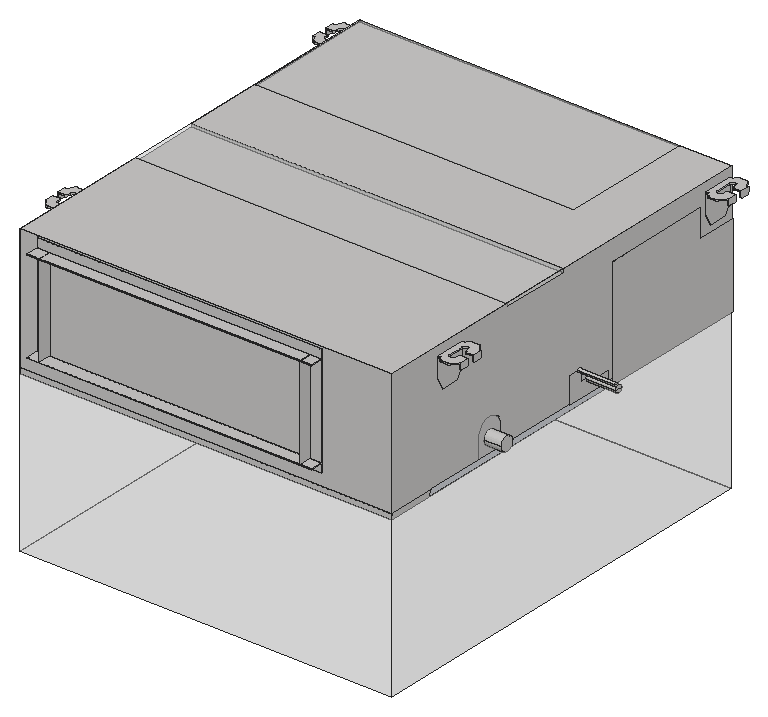
Revit family "outputfile", category 機械設備, Revit 2024
Family settings
  丸型コネクタ寸法 = 半径を使用
  パーツ タイプ = 標準
  OmniClass 番号 = 23.75.10.24.21.27.27
  OmniClass タイトル = Split System Air Conditioning Units
  作業面ベース = いいえ
  常に垂直 = はい
  ロード時にボイドで切り取り = いいえ
  注釈の向きを維持 = いいえ
  共有 = いいえ
  部屋計算ポイント = はい
Parameters (values of type "FXDBQ40AVM")
  Description = ""
  書き出し IFC クラス(タイプ) = "IfcUnitaryEquipmentType"
  定義済み IFC タイプ(タイプ) = "AIRCONDITIONINGUNIT"
  Cost = 0
  Type Comments = ""
  Keynote = ""
  Type Image = (empty or 0)
  Assembly Code = ""
  lh_liquidpipe = [h***] + 60.0 mm  # 60.0 mm
  lh_RA [instance] = if(Rear Connection_Return Air, 125.25 mm + [h***], 245.0 mm + [h***])  # 125.25 mm
  ld_RA_length [instance] = if(Rear Connection_Return Air, 245.0 mm, 126.0 mm)  # 245.0 mm
  l_liquidpipe_length [instance] = 421.0 mm
  l_gaspipe_length [instance] = 408.0 mm
  l_drainpipe_length [instance] = 383.0 mm
  angle_vertica [instance] = 90.00°
  angle horizontal [instance] = if(Right Connection_refrigerant, 180.00°, 0.00°)  # 180.00°
  URL = ""
  Right Connection_refrigerant [instance] = yes
  製造元 = "Daikin"
  モデル = "FXDBQ40AVM"
  w_pipe = 33.0 mm
  r_Liquid Pipe Size = Liquid Pipe Size / 2  # 3.2 mm
  r_Gas Pipe Size = Gas Pipe Size / 2  # 6.35 mm
  r_Drain Pipe Size = Drain Pipe Size / 2  # 12.5 mm
  lw_powersupply = 304.0 mm
  lw_ductflange2 = 602.0 mm
  lw_Width = 535.0 mm
  lh_suctionflange [instance] = 125.25 mm
  ld_suctionflange [instance] = if(Rear Connection_Return Air, 190.0 mm, 100.0 mm)  # 190.0 mm
  ld_powersupply = 60.0 mm
  angle_vertical_RA [instance] = if(Rear Connection_Return Air, 90.00°, 0.00°)  # 90.00°
  angle horizontal_RA [instance] = if(Rear Connection_Return Air, 180.00°, 270.00°)  # 180.00°
  Voltage_comment_60Hz = "220-230"
  Voltage_comment_50Hz = "220-240"
  Voltage_60Hz = 220 V
  Voltage_50Hz = 230 V
  Supply Air Direction [instance] = yes
  Sound Power Level_H speed (dB) = 0
  Rear Connection_Return Air [instance] = not(Bottom Connection_Return Air)  # yes
  RA_length [instance] = 245.0 mm  # constant formula
  Phase_60Hz = 1
  Phase_50Hz = 1
  Minimum External Static Pressure = 15.00 Pa
  Minimum Circuit Amps_60Hz = 1.0 A
  Minimum Circuit Amps_50Hz = 1.0 A
  Maximum Fuse Amps_60Hz = 16.0 A
  Maximum Fuse Amps_50Hz = 16.0 A
  Maximum External Static Pressure = 50.00 Pa
  Material_Casing = DAIKIN_GalvanizedSteel_Casing_indoorunit
  lw_liquidpipe = 71.0 mm  # constant formula
  lw_gaspipe = 58.0 mm  # constant formula
  lw_mountinghole_pitch = 738.0 mm
  lw_mountinghole = 20.0 mm  # constant formula
  lw_drainpipe = 33.0 mm  # constant formula
  lh_powersupply = 10.0 mm
  lh_gaspipe = [h***] + 38.0 mm  # 38.0 mm
  lh_mountinghole = Height - 15.0 mm + [h***]  # 230.0 mm
  lh_drainpipe = 150.0 mm
  lh_antena = 16.0 mm  # constant formula
  ld_liquidpipe = 193.0 mm  # constant formula
  ld_gaspipe = 130.0 mm  # constant formula
  ld_mountinghole_pitch = 630.0 mm  # constant formula
  ld_drainpipe = 280.0 mm
  ld_controlbox = 626.0 mm  # constant formula
  h*** = 0.0 mm  # constant formula
  d_dischargeflange = 25.0 mm  # constant formula
  Width = 700.0 mm
  Version = "ver.1.0"
  Unit Type = "3D Airflow Duct with Sensing Type"
  Unit Mass Weight = 26.00 kg
  Unit Designation [instance] = ""
  Uniclass2015Version = "Products v1.30"
  Uniclass2015Title = "Variable refrigerant flow units"
  Uniclass2015Code = "Pr_70_65_03_94"
  Total Heating Capacity [instance] = 0.000 kW
  Total Cooling Capacity [instance] = 0.000 kW
  Sound Pressure Level_M speed (dBA) = 0
  Sound Pressure Level_L speed (dBA) = 27
  Sound Pressure Level_H speed (dBA) = 35
  Series = "VRV Fan Coil Unit"
  Sensible Cooling Capacity [instance] = 0.000 kW
  SA Duct Size Width = 490.0 mm
  SA Duct Size Height = 174.0 mm
  Refrigerant Type = "R410A"
  RA Duct Size Width = 562.0 mm
  RA Duct Size Height [instance] = if(Rear Connection_Return Air, 202.6 mm, 204.0 mm)  # 202.6 mm
  Power Input (Heating) = 0.062 kW
  Power Input (Cooling) = 0.062 kW
  Option Accessory 3 [instance] = ""
  Option Accessory 2 [instance] = ""
  Option Accessory 1 [instance] = ""
  Nominal Heating Capacity = 5.000 kW
  Nominal Cooling Capacity = 4.500 kW
  Minimum Airflow = 510.00 m³/h
  Median Airflow = 630.00 m³/h
  Maximum Airflow = 798.00 m³/h
  Load Classification = HVAC
  Liquid Pipe Size = 6.4 mm
  Link_Nested Family [instance] = ""
  Left Connection_refrigerant [instance] = no
  IfcVersion = "0"
  IfcExportType = "AIRCONDITIONINGUNIT"
  IfcExportAs = "IfcUnitaryEquipmentType"
  Height = 245.0 mm
  Heating Entering Wet Bulb Temperature [instance] = 0.00 °C
  Heating Entering Dry Bulb Temperature [instance] = 0.00 °C
  Heating Ambient Wet Bulb Temperature [instance] = 0.00 °C
  Heating Ambient Dry Bulb Temperature [instance] = 0.00 °C
  Heat Exchanger Type = "Cross Fin Coil"
  Gas Pipe Size = 12.7 mm
  Frequency_60Hz = 60 Hz
  Frequency_50Hz = 50 Hz
  Fan Type = "Sirocco Fan"
  Fan Drive = "Direct Drive"
  FCU Tag No. [instance] = ""
  Drain Pipe Size = 25.0 mm
  Design Supply Airflow [instance] = 0.00 m³/h
  Design Return Airflow [instance] = 0.00 m³/h
  Design External Static Pressure [instance] = 0.00 Pa
  Depth = 800.0 mm
  既定の高さ = 0.0 mm
  Cooling Entering Wet Bulb Temperature [instance] = 0.00 °C
  Cooling Entering Dry Bulb Temperature [instance] = 0.00 °C
  Cooling Ambient Wet Bulb Temperature [instance] = 0.00 °C
  Cooling Ambient Dry Bulb Temperature [instance] = 0.00 °C
  Clearance visibility [instance] = yes
  Clearance Top = 0.0 mm
  Clearance Right = 0.0 mm
  Clearance Rear = 0.0 mm
  Clearance Left = 0.0 mm
  Clearance Front = 0.0 mm
  Clearance Bottom = 300.0 mm
  Bottom Connection_Return Air [instance] = no
Reference planes
  plane 1 "Center (Front/Back)": y = 0
  plane 2: z = 0
  plane 3 "Center (Left/Right)": x = 0
  plane 4 "Back": y = 400
  plane 5 "Front": y = -400
  plane 6 "Left": x = -350
  plane 7 "Right": x = 350
  plane 8 "Top": z = 0
  plane 9 "Bottom": z = -245
  plane 10: x = 330
  plane 11: x = -330
  plane 12: z = -235
  plane 13: z = -6
  plane 14: z = -67
  plane 15: z = -185
  plane 16: z = -207
  plane 17: x = -304
  plane 18: x = 304
  plane 19: x = -369
  plane 20: x = 369
  plane 21: x = -389
  plane 22: x = 390
  plane 23: x = 421
  plane 24: x = 408
  plane 25: x = 383
  plane 26: z = -15
  plane 27: z = -95
  plane 28 "Clearance Left": x = -350
  plane 29 "Clearance Right": x = 350
  plane 30 "Clearance Rear": y = 400
  plane 31 "Clearance Front": y = -400
  plane 32 "Clearance Top": z = 0
  plane 33 "Clearance Bottom": z = -545
  plane 34: z = -21
  plane 35: z = -206
  plane 36: z = -141.5
  plane 37: x = -40
  plane 38: y = 61
  plane 39: y = 39
  plane 40: y = -30
  plane 41: y = -171
  plane 42: z = -97.5
  plane 43: y = -400
  plane 44: x = -349
  plane 45: z = -145
  plane 46: z = -355
  plane 47: y = 210
  plane 48: z = 331
  plane 49: z = -244
  plane 50: y = 210
  plane 51: z = -146
  plane 52: x = 383
  plane 53: x = 345
  plane 54: x = 355
  plane 55: x = 351
  plane 56: x = 251
  plane 57: x = 349.004
  plane 58: x = -349
  plane 59: x = 304
  plane 60: z = -108
  plane 61: z = -234
  plane 62: x = -317
  plane 63: z = -3
  plane 64: x = -49.5
  plane 65: z = -1
  plane 66: y = 155
  plane 67: x = -50
  plane 68: y = -266
  plane 69: y = 364
  plane 70: z = -15
  plane 71: z = -185
  plane 72: z = -207
  plane 73: x = -383
  plane 74: x = -351
  plane 75: x = -421
  plane 76: x = -408
  plane 77: y = 280.25
  plane 78: z = 125.25
  plane 79: y = 117.5
  plane 80: z = -36.4
  plane 81: y = 399
Forms (mm)
  Extrusion 1, solid
    sketch origin (0, 0, 0) x (1, 0, 0) y (0, 0, 1)
      loop
        line (-350, -235) -> (-350, -245) -> (350, -245) -> (350, -235) -> (-350, -235)
    from -116.5 to 310
  Extrusion 2, solid, material "DAIKIN_GalvanizedSteel_Casing_indoorunit" <- "Material_Casing"
    sketch origin (0, 0, 0) x (1, 0, 0) y (0, 1, 0)
      loop
        line (-350, -400) -> (350, -400) -> (350, 400) -> (-350, 400) -> (-350, -400)
    from -245 to 0
  Extrusion 3, void
    sketch origin (0, 0, 1) x (1, 0, 0) y (0, 1, 0)
      loop
        line (-350, -128.821) -> (350, -128.821) -> (350, 4.179) -> (-350, 4.179) -> (-350, -128.821)
    from -1 to -7
  Revolve 4, solid, material "DAIKIN_GalvanizedSteel_Casing_indoorunit" <- "Material_Casing"
    sketch origin (0, 0, -207) x (0, -1, 0) y (1, 0, 0)
      loop
        line (-67.35, 351) -> (-61, 351) -> (-61, 408) -> (-67.35, 408) -> (-67.35, 351)
      axis (-61, 351) -> (-61, 408)
    angle from 0 to 360
  Revolve 5, solid, material "DAIKIN_GalvanizedSteel_Casing_indoorunit" <- "Material_Casing"
    sketch origin (0, 0, -185) x (0, -1, 0) y (1, 0, 0)
      loop
        line (-39, 351) -> (-39, 421) -> (-42.2, 421) -> (-42.2, 351) -> (-39, 351)
      axis (-39, 421) -> (-39, 351)
    angle from 0 to 360
  Extrusion 6, solid, material "DAIKIN_GalvanizedSteel_Casing_indoorunit" <- "Material_Casing"
    sketch origin (0, 0, 0) x (0, 1, 0) y (0, 0, 1)
      loop
        circle (-171, -206) r 13
    from 383 to 349.004
  Extrusion 7, solid, material "DAIKIN_GalvanizedSteel_Casing_indoorunit" <- "Material_Casing"
    sketch origin (0, 0, 0) x (1, 0, 0) y (0, 0, 1)
      loop
        line (-350, -235) -> (-350, -245) -> (350, -245) -> (350, -235) -> (-350, -235)
    from -116.5 to 400
  Extrusion 8, void
    sketch origin (0, 0, 0) x (1, 0, 0) y (0, 0, 1)
      loop
        line (251, 0) -> (-349, 0) -> (-349, -1) -> (251, -1) -> (251, 0)
    from -400 to -152.5
  Extrusion 9, solid, material "DAIKIN_GalvanizedSteel_Casing_indoorunit" <- "Material_Casing", visible <- "Rear Connection_Return Air"
    sketch origin (0, 0, 0) x (1, 0, 0) y (0, 1, 0)
      loop
        line (-349, 400) -> (-349, 152.5) -> (251, 152.5) -> (251, 400) -> (-349, 400)
    from -245 to -244
  Extrusion 10, solid, material "DAIKIN_GalvanizedSteel_Casing_indoorunit" <- "Material_Casing", visible <- "Bottom Connection_Return Air"
    sketch origin (0, 0, 0) x (1, 0, 0) y (0, 0, 1)
      loop
        line (251, -1) -> (-349, -1) -> (-349, -245) -> (251, -245) -> (251, -1)
    from -400 to -399
  Extrusion 11, void
    sketch origin (0, 0, 0) x (0, 1, 0) y (0, 0, 1)
      loop
        arc (-143.5, -198.721) -> (-171, -171.221) -> (-198.5, -198.721) r 27.5
        line (-198.5, -198.721) -> (-198.5, -235) -> (-143.5, -235) -> (-143.5, -198.721)
    from 349.004 to 350
  Extrusion 12, solid, material "DAIKIN_GalvanizedSteel_Casing_indoorunit" <- "Material_Casing"
    sketch origin (0, 0, 0) x (0, 1, 0) y (0, 0, 1)
      loop
        line (35.8, -185) -> (16.8, -185) -> (16.8, -235) -> (107.3, -235) -> (107.3, -217) -> (67.3, -217) -> (67.3, -207)
        arc (67.3, -207) -> (60.975, -213.325) -> (54.65, -207) r 6.325
        line (54.65, -207) -> (42.2, -207) -> (42.2, -185)
        arc (42.2, -185) -> (39, -188.2) -> (35.8, -185) r 3.2
    from 350 to 351
  Extrusion 13, void
    sketch origin (0, 0, 0) x (0, 1, 0) y (0, 0, -1)
      loop
        line (-143.5, 198.721) -> (-143.5, 235) -> (-198.5, 235) -> (-198.5, 198.721)
        arc (-198.5, 198.721) -> (-171, 171.221) -> (-143.5, 198.721) r 27.5
    from 349 to 350
  Extrusion 14, solid, material "DAIKIN_GalvanizedSteel_Casing_indoorunit" <- "Material_Casing"
    sketch origin (0, 0, 0) x (0, 1, 0) y (0, 0, -1)
      loop
        circle (-171, 206) r 13
    from 383 to 349
  Extrusion 15, solid, material "DAIKIN_GalvanizedSteel_Casing_indoorunit" <- "Material_Casing"
    sketch origin (0, 0, 0) x (0, 1, 0) y (0, 0, -1)
      loop
        arc (35.8, 185) -> (39, 188.2) -> (42.2, 185) r 3.2
        line (42.2, 185) -> (42.2, 207) -> (54.65, 207)
        arc (54.65, 207) -> (60.975, 213.325) -> (67.3, 207) r 6.325
        line (67.3, 207) -> (67.3, 217) -> (107.3, 217) -> (107.3, 235) -> (16.8, 235) -> (16.8, 185) -> (35.8, 185)
    from 350 to 351
  Revolve 16, solid, material "DAIKIN_GalvanizedSteel_Casing_indoorunit" <- "Material_Casing"
    sketch origin (0, 0, -185) x (0, -1, 0) y (1, 0, 0)
      loop
        line (-39, -351) -> (-42.2, -351) -> (-42.2, -421) -> (-39, -421) -> (-39, -351)
      axis (-39, -421) -> (-39, -351)
    angle from 0 to 360
  Revolve 17, solid, material "DAIKIN_GalvanizedSteel_Casing_indoorunit" <- "Material_Casing"
    sketch origin (0, 0, -207) x (0, -1, 0) y (1, 0, 0)
      loop
        line (-67.35, -351) -> (-67.35, -408) -> (-61, -408) -> (-61, -351) -> (-67.35, -351)
      axis (-61, -351) -> (-61, -408)
    angle from 0 to 360
  Extrusion 18, solid, material "DAIKIN_GalvanizedSteel_Casing_indoorunit" <- "Material_Casing"
    sketch origin (0, 0, 0) x (0, 1, 0) y (0, 0, 1)
      loop
        line (117.5, -36.4) -> (117.5, -245) -> (400, -245) -> (400, -88) -> (322.4, -88) -> (322.4, -36.4) -> (117.5, -36.4)
    from 351 to 350
Cuts and joins
  Extrusion 3, Extrusion 8, Extrusion 11, Extrusion 13 cuts Extrusion 2
  Extrusion 8, Extrusion 11, Extrusion 13 cuts Extrusion 7
Dimensions and locks
  "lh_powersupply": plane 12 to plane 9 "Bottom"
  locked: plane 8 "Top" to plane 13 at 6
  "Height": plane 8 "Top" to plane 9 "Bottom"
  equal spacing: plane 17, plane 3 "Center (Left/Right)", plane 18, locked at 304 each
  locked: plane 17 to plane 18 at 608
  equal spacing: plane 19, plane 3 "Center (Left/Right)", plane 20
  "lw_mountinghole_pitch": plane 19 to plane 20
  locked: plane 14 to plane 9 "Bottom" at 178
  "lw_mountinghole": plane 21 to plane 19
  locked: plane 15 to plane 9 "Bottom" at 60
  "lh_gaspipe": plane 16 to plane 9 "Bottom"
  "lh_mountinghole": plane 26 to plane 9 "Bottom"
  equal spacing: plane 6 "Left", plane 3 "Center (Left/Right)", plane 7 "Right"
  "Width": plane 6 "Left" to plane 7 "Right"
  "lh_drainpipe": plane 27 to plane 9 "Bottom"
  "Clearance Right": plane 7 "Right" to plane 29 "Clearance Right"
  "Clearance Left": plane 28 "Clearance Left" to plane 6 "Left"
  "lw_gaspipe": plane 7 "Right" to plane 24
  "lw_liquidpipe": plane 7 "Right" to plane 23
  "lw_drainpipe": plane 7 "Right" to plane 25
  "Clearance Rear": plane 30 "Clearance Rear" to plane 4 "Back"
  "Clearance Front": plane 5 "Front" to plane 31 "Clearance Front"
  "Clearance Top": plane 32 "Clearance Top" to plane 8 "Top"
  "Clearance Bottom": plane 9 "Bottom" to plane 33 "Clearance Bottom"
  locked: plane 8 "Top" to plane 34 at 21
  locked: plane 8 "Top" to plane 35 at 206
  locked: plane 36 to plane 9 "Bottom" at 103.5
  locked: plane 34 to plane 42 at 76.5
  locked: plane 44 to plane 6 "Left" at 1
  locked: plane 12 to plane 45 at 90
  locked: plane 46 to plane 33 "Clearance Bottom" at 190
  plane 48 to plane 26 = 346.0 mm
  locked: plane 49 to plane 9 "Bottom" at 1
  "ld_suctionflange": plane 4 "Back" to plane 50
  locked: plane 51 to plane 9 "Bottom" at 99
  locked: plane 7 "Right" to plane 52 at 33
  locked: plane 53 to plane 7 "Right" at 5
  locked: plane 7 "Right" to plane 54 at 5
  locked: plane 7 "Right" to plane 55 at 1
  plane 7 "Right" to plane 56 = 99.0 mm
  locked: plane 7 "Right" to plane 57 at 0.996
  locked: plane 58 to plane 6 "Left" at 1
  "lw_powersupply": plane 3 "Center (Left/Right)" to plane 59
  locked: plane 61 to plane 9 "Bottom" at 11
  locked: plane 6 "Left" to plane 62 at 33
  locked: plane 8 "Top" to plane 63 at 3
  locked: plane 8 "Top" to plane 65 at 1
  plane 66 to plane 4 "Back" = 245.0 mm
  "ld_mountinghole_pitch": plane 69 to plane 68
  locked: plane 8 "Top" to plane 70 at 15
  "Depth": plane 4 "Back" to plane 43
  equal spacing: plane 4 "Back", plane 1 "Center (Front/Back)", plane 43, locked at 400 each
  locked: plane 31 "Clearance Front" to plane 41 at 229
  locked: plane 31 "Clearance Front" to plane 39 at 439
  locked: plane 39 to plane 38 at 22
  locked: plane 8 "Top" to plane 71 at 185
  locked: plane 71 to plane 72 at 22
  locked: plane 60 to plane 9 "Bottom" at 137
  plane 72 to plane 9 "Bottom" = 38.0 mm
  locked: plane 73 to plane 6 "Left" at 33
  locked: plane 74 to plane 6 "Left" at 1
  locked: plane 75 to plane 6 "Left" at 71
  locked: plane 76 to plane 6 "Left" at 58
  "r_Liquid Pipe Size": Revolve 5 sketch curve to Revolve 5 sketch curve
  "r_Gas Pipe Size": Revolve 4 sketch curve to Revolve 4 sketch curve
  "lh_suctionflange": plane 78 to level
  "r_Liquid Pipe Size": Revolve 16 sketch curve to Revolve 16 sketch curve
  "r_Gas Pipe Size": Revolve 17 sketch curve to Revolve 17 sketch curve
  locked: plane 68 to plane 43 at 134
  "ld_RA_length": plane 30 "Clearance Rear" to plane 66
  locked: plane 30 "Clearance Rear" to Extrusion 9 sketch curve at 247.5
  locked: plane 79 to plane 30 "Clearance Rear" at 282.5
  locked: plane 80 to plane 9 "Bottom" at 208.6
  locked: Extrusion 18 sketch curve to Extrusion 18 sketch curve at 51.6
  locked: Extrusion 18 sketch curve to nested 8 at 77.6
  locked: plane 4 "Back" to plane 81 at 1
  aligned and locked: level to plane 2
  aligned and locked: Extrusion 2 to plane 9 "Bottom"
  aligned and locked: plane 8 "Top" to Extrusion 2
  aligned and locked: Revolve 4 sketch curve to Revolve 4 sketch curve
  aligned and locked: plane 20 to nested 2
  aligned and locked: plane 19 to nested 3
  aligned and locked: plane 19 to nested 4
  aligned and locked: nested 7 to plane 12
  aligned and locked: Extrusion 7 to plane 9 "Bottom"
  aligned and locked: Extrusion 6 sketch curve to plane 41
  aligned and locked: plane 4 "Back" to Extrusion 8
  aligned and locked: plane 8 "Top" to Extrusion 3
  aligned and locked: plane 9 "Bottom" to Extrusion 9  (x2)
  aligned and locked: Extrusion 9 to plane 49
  aligned and locked: Extrusion 8 to level
  aligned and locked: plane 30 "Clearance Rear" to nested 8
  aligned and locked: plane 29 "Clearance Right" to nested 8
  aligned and locked: plane 28 "Clearance Left" to nested 8
  aligned and locked: nested 8 to plane 32 "Clearance Top"
  aligned and locked: nested 8 to plane 33 "Clearance Bottom"
  aligned and locked: Extrusion 3 to plane 13
  aligned and locked: plane 7 "Right" to cut or joined group of Extrusion 2, Extrusion 3, Extrusion 8, Extrusion 11, Extrusion 13  (x2)
  aligned and locked: plane 52 to Extrusion 6
  aligned and locked: plane 56 to Extrusion 8 sketch curve
  aligned and locked: Extrusion 9 to plane 56
  aligned and locked: cut or joined group of Extrusion 2, Extrusion 3, Extrusion 8, Extrusion 11, Extrusion 13 to plane 43
  aligned and locked: nested 7 to plane 59
  aligned and locked: nested 6 to plane 1 "Center (Front/Back)"
  aligned and locked: plane 3 "Center (Left/Right)" to nested 6
  aligned and locked: plane 60 to nested 5  (x2)
  aligned and locked: nested 10 to plane 62
  aligned and locked: nested 10 to plane 63
  aligned and locked: plane 64 to nested 5
  aligned and locked: nested 11 to plane 58
  aligned and locked: plane 4 "Back" to nested 11
  aligned and locked: plane 65 to nested 11
  aligned and locked: plane 4 "Back" to Extrusion 10
  aligned and locked: plane 65 to Extrusion 10
  aligned and locked: Extrusion 10 to plane 9 "Bottom"
  aligned and locked: Extrusion 10 to plane 56
  aligned and locked: plane 4 "Back" to nested 7
  aligned and locked: nested 13 to plane 68
  aligned and locked: plane 6 "Left" to nested 13
  aligned and locked: plane 68 to nested 12
  aligned and locked: nested 12 to plane 7 "Right"
  aligned and locked: nested 15 to plane 69
  aligned and locked: plane 6 "Left" to nested 15
  aligned and locked: plane 69 to nested 14
  aligned and locked: nested 14 to plane 7 "Right"
  aligned and locked: plane 70 to nested 13
  aligned and locked: plane 70 to nested 15
  aligned and locked: plane 20 to nested 1
  aligned and locked: nested 1 to plane 69
  aligned and locked: nested 4 to plane 69
  aligned and locked: nested 3 to plane 68
  aligned and locked: nested 2 to plane 68
  aligned and locked: cut or joined group of Extrusion 2, Extrusion 3, Extrusion 8, Extrusion 11, Extrusion 13 to plane 57
  aligned and locked: Extrusion 6 to plane 57
  aligned and locked: nested 5 to plane 64
  aligned and locked: nested 5 to plane 43
  aligned and locked: cut or joined group of Extrusion 7, Extrusion 8, Extrusion 11, Extrusion 13 to plane 43
  aligned and locked: plane 7 "Right" to Extrusion 12
  aligned and locked: plane 55 to Extrusion 12
  aligned and locked: plane 71 to Revolve 5
  aligned and locked: plane 72 to Revolve 4
  aligned and locked: plane 72 to Extrusion 12
  aligned and locked: Extrusion 12 to plane 12
  aligned and locked: plane 71 to Extrusion 12
  aligned and locked: cut or joined group of Extrusion 2, Extrusion 3, Extrusion 8, Extrusion 11, Extrusion 13 to plane 6 "Left"  (x2)
  aligned and locked: plane 58 to cut or joined group of Extrusion 2, Extrusion 3, Extrusion 8, Extrusion 11, Extrusion 13
  aligned and locked: plane 58 to Extrusion 14
  aligned and locked: Extrusion 14 to plane 73
  aligned and locked: plane 6 "Left" to Extrusion 15
  aligned and locked: Extrusion 15 to plane 74
  aligned and locked: Revolve 16 to plane 74
  aligned and locked: Revolve 16 to plane 75
  aligned and locked: Revolve 17 sketch curve to Revolve 17 sketch curve
  aligned and locked: Revolve 17 to plane 74
  aligned and locked: Revolve 17 to plane 76
  aligned and locked: nested 16 to plane 39
  aligned and locked: nested 17 to plane 38
  aligned and locked: nested 17 to plane 3 "Center (Left/Right)"
  aligned and locked: plane 71 to Revolve 16
  aligned and locked: plane 72 to Revolve 17
  aligned and locked: plane 43 to nested 10
  aligned and locked: nested 8 to plane 43
  aligned and locked: nested 18 to plane 41
  aligned and locked: plane 3 "Center (Left/Right)" to nested 18
  aligned and locked: plane 35 to nested 18
  aligned and locked: nested 9 to plane 67  (x2)
  aligned and locked: plane 70 to nested 12
  aligned and locked: plane 70 to nested 14
  aligned and locked: nested 9 to plane 66
  aligned and locked: plane 29 "Clearance Right" to Extrusion 18
  aligned and locked: plane 55 to Extrusion 18
  aligned and locked: plane 80 to Extrusion 18
  aligned and locked: plane 79 to Extrusion 18
  aligned and locked: nested 19 to plane 9 "Bottom"
  aligned and locked: nested 19 to plane 56
  aligned and locked: nested 19 to plane 81
  aligned and locked: level to plane 8 "Top"
Automatic sketch dimensions
  Extrusion 1 sketch curve to plane 6 "Left" = 0.0 mm
  Extrusion 1 sketch curve to plane 7 "Right" = 0.0 mm
  Extrusion 1 sketch curve to plane 9 "Bottom" = 0.0 mm
  Extrusion 1 sketch curve to plane 12 = 0.0 mm
  Extrusion 2 sketch curve to plane 4 "Back" = 0.0 mm
  Extrusion 2 sketch curve to plane 6 "Left" = 0.0 mm
  Extrusion 2 sketch curve to plane 7 "Right" = 0.0 mm
  Extrusion 2 sketch curve to plane 43 = 0.0 mm
  Extrusion 3 sketch curve to plane 6 "Left" = 0.0 mm
  Extrusion 3 sketch curve to plane 7 "Right" = 0.0 mm
  plane 41 to Extrusion 3 sketch curve = 42.179 mm
  Extrusion 3 sketch curve to plane 1 "Center (Front/Back)" = 4.179 mm
  Revolve 4 sketch curve to plane 24 = 0.0 mm
  Revolve 4 sketch curve to plane 38 = 0.0 mm
  Revolve 4 sketch curve to plane 55 = 0.0 mm
  plane 55 to Revolve 4 sketch curve = 1.003 mm
  plane 24 to Revolve 4 sketch curve = 1.003 mm
  Revolve 5 sketch curve to plane 39 = 0.0 mm  (x2)
  Revolve 5 sketch curve to plane 23 = 0.0 mm  (x2)
  Revolve 5 sketch curve to plane 55 = 0.0 mm  (x2)
  Extrusion 6 sketch curve to plane 35 = 0.0 mm
  Extrusion 7 sketch curve to plane 6 "Left" = 0.0 mm
  Extrusion 7 sketch curve to plane 7 "Right" = 0.0 mm
  Extrusion 7 sketch curve to plane 9 "Bottom" = 0.0 mm
  Extrusion 7 sketch curve to plane 12 = 0.0 mm
  Extrusion 9 sketch curve to plane 44 = 0.0 mm
  Extrusion 9 sketch curve to plane 4 "Back" = 0.0 mm
  Extrusion 9 sketch curve to plane 56 = 0.0 mm
  Extrusion 10 sketch curve to plane 44 = 0.0 mm
  Extrusion 10 sketch curve to plane 9 "Bottom" = 0.0 mm
  Extrusion 10 sketch curve to plane 56 = 0.0 mm
  Extrusion 10 sketch curve to plane 65 = 0.0 mm
  Extrusion 11 sketch curve to plane 12 = 0.0 mm
  Extrusion 11 sketch curve to plane 41 = 0.0 mm
  Extrusion 11 sketch curve to plane 41 = 27.5 mm
  plane 35 to Extrusion 11 sketch curve = 7.279 mm
  Extrusion 12 sketch curve to plane 15 = 0.0 mm
  Extrusion 12 sketch curve to plane 12 = 0.0 mm
  Extrusion 12 sketch curve to plane 39 = 0.0 mm
  Extrusion 12 sketch curve to plane 72 = 0.0 mm
  Extrusion 12 sketch curve to Extrusion 12 sketch curve = 3.2 mm
  Extrusion 12 sketch curve to plane 1 "Center (Front/Back)" = 16.8 mm
  Extrusion 12 sketch curve to plane 38 = 6.35 mm
  Extrusion 12 sketch curve to plane 38 = 0.025 mm
  Extrusion 12 sketch curve to Extrusion 12 sketch curve = 40.0 mm
  Extrusion 12 sketch curve to Extrusion 12 sketch curve = 10.0 mm
  Extrusion 13 sketch curve to plane 12 = 0.0 mm
  Extrusion 13 sketch curve to plane 41 = 0.0 mm
  Extrusion 13 sketch curve to plane 41 = 27.5 mm
  plane 35 to Extrusion 13 sketch curve = 7.279 mm
  Extrusion 14 sketch curve to plane 35 = 0.0 mm
  Extrusion 14 sketch curve to plane 41 = 0.0 mm
  Extrusion 15 sketch curve to plane 15 = 0.0 mm
  Extrusion 15 sketch curve to plane 12 = 0.0 mm
  Extrusion 15 sketch curve to plane 39 = 0.0 mm
  Extrusion 15 sketch curve to plane 72 = 0.0 mm
  Extrusion 15 sketch curve to Extrusion 15 sketch curve = 3.2 mm
  Extrusion 15 sketch curve to plane 1 "Center (Front/Back)" = 16.8 mm
  Extrusion 15 sketch curve to plane 38 = 6.35 mm
  Extrusion 15 sketch curve to plane 38 = 0.025 mm
  Extrusion 15 sketch curve to Extrusion 15 sketch curve = 40.0 mm
  Extrusion 15 sketch curve to Extrusion 15 sketch curve = 10.0 mm
  Revolve 16 sketch curve to plane 74 = 0.0 mm  (x2)
  Revolve 16 sketch curve to plane 75 = 0.0 mm  (x2)
  Revolve 16 sketch curve to plane 39 = 0.0 mm  (x2)
  Revolve 17 sketch curve to plane 74 = 0.0 mm
  Revolve 17 sketch curve to plane 38 = 0.0 mm
  plane 75 to Revolve 17 sketch curve = 13.0 mm
  Revolve 17 sketch curve to plane 74 = 1.003 mm
  Revolve 17 sketch curve to Revolve 17 sketch curve = 1.003 mm
  Extrusion 8 sketch curve to plane 44 = 0.0 mm
  Extrusion 8 sketch curve to level = 0.0 mm
  Extrusion 8 sketch curve to plane 65 = 0.0 mm
  Extrusion 18 sketch curve to plane 9 "Bottom" = 0.0 mm
  Extrusion 18 sketch curve to plane 79 = 0.0 mm
  Extrusion 18 sketch curve to plane 80 = 0.0 mm
  Extrusion 18 sketch curve to plane 4 "Back" = 0.0 mm
  radius of Extrusion 6 sketch curve = 13.0 mm
  radius of Extrusion 14 sketch curve = 13.0 mm
Nested families
  nested 1: "daikin_mountinghole" at (369, 364, -245), l_antenna <- "lh_antena", Link_Nested Family <- "Link_Nested Family", h_mountinghole <- "lh_mountinghole", type "daikin_mountinghole"
    with show yes, l_antenna 16.0 mm, h_mountinghole 230.0 mm, Link_Nested Family ""
  nested 2: "daikin_mountinghole" at (369, -266, -245), Link_Nested Family <- "Link_Nested Family", l_antenna <- "lh_antena", h_mountinghole <- "lh_mountinghole", type "daikin_mountinghole"
    with show yes, l_antenna 16.0 mm, h_mountinghole 230.0 mm, Link_Nested Family ""
  nested 3: "daikin_mountinghole" at (-369, -266, -245), l_antenna <- "lh_antena", Link_Nested Family <- "Link_Nested Family", h_mountinghole <- "lh_mountinghole", type "daikin_mountinghole"
    with show yes, l_antenna 16.0 mm, h_mountinghole 230.0 mm, Link_Nested Family ""
  nested 4: "daikin_mountinghole" at (-369, 364, -245), l_antenna <- "lh_antena", Link_Nested Family <- "Link_Nested Family", h_mountinghole <- "lh_mountinghole", type "daikin_mountinghole"
    with show yes, l_antenna 16.0 mm, h_mountinghole 230.0 mm, Link_Nested Family ""
  nested 5: "daikin_connector_rotate2" at (-49.5, -400, -108), length <- "d_dischargeflange", type "daikin_connector_rotate2"
    with radius 10.0 mm, length 25.0 mm, angle_vertical 90.00°, show_face no
  nested 6: "daikin_△_symbolicline" at (-75, -129.904, 245) x (-0.5, 0.866, 0) z (0, 0, 1), built-in parameter 1001364 <- "Height", visible <- "Supply Air Direction", type "daikin_△_symbolicline"
    with length 300.0 mm
  nested 7: "daikin_connector_rotate2" at (304, 340, -235) x (-1, 0, 0) z (0, 0, 1), built-in parameter 1001364 <- "lw_powersupply", length <- "ld_powersupply", type "daikin_connector_rotate2"
    with radius 10.0 mm, length 60.0 mm, angle_vertical 90.00°, show_face no
  nested 8: "daikin_clearancespace" at (0, 0, -272.381), visible <- "Clearance visibility", show <- "Clearance visibility", Link_Nested Family <- "Link_Nested Family", type "daikin_clearancespace"
    with width 700.0 mm, show yes, height 545.0 mm, depth 800.0 mm, Link_Nested Family ""
  nested 9: "daikin_connector_rotate3" at (-50, 155, -119.75), angle_vertical <- "angle_vertical_RA", angle_horizontal <- "angle horizontal_RA", length <- "RA_length", built-in parameter 1001364 <- "lh_RA", type "daikin_connector_rotate3"
    with show no, radius 10.0 mm, length 245.0 mm, angle_vertical 90.00°, angle_horizontal 180.00°
  nested 10: "daikin_ductflange_FXDBQ-AVM" at (-49.5, -86.5, -385.201), width <- "lw_Width", material <- "Material_Casing", type "daikin_ductflange_FXDBQ-AVM"
    with width 535.0 mm, material DAIKIN_GalvanizedSteel_Casing_indoorunit, height 176.0 mm, depth 25.0 mm
  nested 11: "daikin_ductflange_FXDBQ-AVM2" at (-49, 400, -119.75), material <- "Material_Casing", visible <- "Rear Connection_Return Air", width <- "lw_ductflange2", rear <- "Rear Connection_Return Air", bottom <- "Bottom Connection_Return Air", type "daikin_ductflange_FXDBQ-AVM2"
    with width 602.0 mm, rear yes, material DAIKIN_GalvanizedSteel_Casing_indoorunit, height 245.0 mm, depth 1.0 mm, bottom no, H2 18.5 mm, H1 202.5 mm
  nested 12: "daikin_hangerfixture_FXDBQ-AVM" at (350, -266, -15) x (0, 1, 0) z (0, 0, 1), type "daikin_hangerfixture_FXDBQ-AVM"
  nested 13: "daikin_hangerfixture_FXDBQ-AVM" at (-350, -266, -15) x (0, -1, 0) z (0, 0, 1), type "daikin_hangerfixture_FXDBQ-AVM"
  nested 14: "daikin_hangerfixture_FXDBQ-AVM" at (350, 364, -15) x (0, 1, 0) z (0, 0, 1), type "daikin_hangerfixture_FXDBQ-AVM"
  nested 15: "daikin_hangerfixture_FXDBQ-AVM" at (-350, 364, -15) x (0, -1, 0) z (0, 0, 1), type "daikin_hangerfixture_FXDBQ-AVM"
  nested 16: "daikin_connector_rotate3" at (0, 39, -185) x (0, -1, 0) z (0, 0, 1), radius <- "r_Liquid Pipe Size", angle_vertical <- "angle_vertica", length <- "l_liquidpipe_length", angle_horizontal <- "angle horizontal", type "daikin_connector_rotate3"
    with show no, radius 3.2 mm, length 421.0 mm, angle_vertical 90.00°, angle_horizontal 180.00°
  nested 17: "daikin_connector_rotate3" at (0, 61, -207) x (0, -1, 0) z (0, 0, 1), angle_vertical <- "angle_vertica", angle_horizontal <- "angle horizontal", length <- "l_gaspipe_length", radius <- "r_Gas Pipe Size", type "daikin_connector_rotate3"
    with show no, radius 6.35 mm, length 408.0 mm, angle_vertical 90.00°, angle_horizontal 180.00°
  nested 18: "daikin_connector_rotate3" at (0, -171, -206) x (0, -1, 0) z (0, 0, 1), angle_vertical <- "angle_vertica", angle_horizontal <- "angle horizontal", length <- "l_drainpipe_length", radius <- "r_Drain Pipe Size", type "daikin_connector_rotate3"
    with show no, radius 12.5 mm, length 383.0 mm, angle_vertical 90.00°, angle_horizontal 180.00°
  nested 19: "daikin_ductflange_FXDBQ-AVM2" at (-49, 274.75, -244) x (1, 0, 0) z (0, -1, 0), width <- "lw_ductflange2", material <- "Material_Casing", visible <- "Bottom Connection_Return Air", rear <- "Rear Connection_Return Air", bottom <- "Bottom Connection_Return Air", type "daikin_ductflange_FXDBQ-AVM2"
    with width 602.0 mm, rear yes, material DAIKIN_GalvanizedSteel_Casing_indoorunit, height 245.0 mm, depth 1.0 mm, bottom no, H2 18.5 mm, H1 202.5 mm
Connectors
  hvac at (-49.5, -425, -108), driven by "SA Duct Size Height", driven by "SA Duct Size Width"
    settings: on nested 5, index 7, duct flow 0.00 m³/h, flow factor 0, pres drop 0.00 Pa, loss coef 0, conn angle 0.00°, conn width 490.0 mm, conn height 174.0 mm, conn diameter 609.6 mm, duct sys type 1, conn prof type 1, flow config 0, flow direction 2, loss method 4, conn ref index -1, conn util no, is conn primary yes, conn desc "SA Duct"
  electrical at (304, 400, -235), driven by "Load Classification"
    settings: on nested 7, index 9, voltage 0 V, apparent load 0 VA, apparent load phase1 0 VA, apparent load phase2 0 VA, apparent load phase3 0 VA, power factor 1, load classification "HVAC", number of poles 1, system type 30, power factor state 1, is connector primary yes, connector utility no, sub classification motor no, connector description "Power Supply"
  hvac at (-50, 400, -119.75), driven by "RA Duct Size Height", driven by "RA Duct Size Width"
    settings: on nested 9, index 10, duct flow 0.00 m³/h, flow factor 0, pres drop 0.00 Pa, loss coef 0, conn angle 0.00°, conn width 562.0 mm, conn height 202.6 mm, conn diameter 609.6 mm, duct sys type 2, conn prof type 1, flow config 0, flow direction 1, loss method 4, conn ref index -1, conn util no, is conn primary no, conn desc "RA Duct"
  piping at (408, 61, -207), diameter 12.7, driven by "r_Gas Pipe Size"
    settings: on nested 17, index 13, connector inside diameter 609.6 mm, connector length 0.0 mm, flow factor 0, pipe flow 0.00 m³/h, pressure drop 0.0 Pa, fitting loss kfactor 0, connector angle 0.00°, fixture units 0, engagement length 0.0 mm, angle of deflection 0.00°, flow configuration 1, flow direction 2, fitting loss method 0, system type 29, joint type 0, gender type 0, connector reference index -1, connector utility 0, adjustable connector no, is connector primary yes, connector description "Refrigerant Gas Piping"
  piping at (421, 39, -185), diameter 6.4, driven by "r_Liquid Pipe Size"
    settings: on nested 16, index 14, connector inside diameter 609.6 mm, connector length 0.0 mm, flow factor 0, pipe flow 0.00 m³/h, pressure drop 0.0 Pa, fitting loss kfactor 0, connector angle 0.00°, fixture units 0, engagement length 0.0 mm, angle of deflection 0.00°, flow configuration 1, flow direction 1, fitting loss method 0, system type 29, joint type 0, gender type 0, connector reference index -1, connector utility 0, adjustable connector no, is connector primary no, connector description "Refrigerant Liquid Piping"
  piping at (383, -171, -206), diameter 25, driven by "r_Drain Pipe Size"
    settings: on nested 18, index 15, connector inside diameter 609.6 mm, connector length 0.0 mm, flow factor 0, pipe flow 0.00 m³/h, pressure drop 0.0 Pa, fitting loss kfactor 0, connector angle 0.00°, fixture units 0, engagement length 0.0 mm, angle of deflection 0.00°, flow configuration 1, flow direction 2, fitting loss method 4, system type 16, joint type 0, gender type 0, connector reference index -1, connector utility 0, adjustable connector no, is connector primary no, connector description "Condensate Drain Piping"
Definition of nested family "daikin_clearancespace"
  Parameters (values of type "daikin_clearancespace")
    width [instance] = 1823.963 mm
    show [instance] = yes
    material = none
    height [instance] = 1359.762 mm
    depth [instance] = 880.0 mm
    Default Elevation = 0.0 mm
    Link_Nested Family [instance] = ""
  Reference planes
    plane 1 "Center (Front/Back)": y = 0
    plane 2 "Center (Elevation)": z = -0.119
    plane 3 "Center (Left/Right)": x = 0
    plane 4: y = 440
    plane 5: y = -440
    plane 6 "Right": x = 911.982
    plane 7 "Left": x = -911.982
    plane 8 "Top": z = 679.762
    plane 9 "Bottom": z = -680
  Forms (mm)
    Extrusion 1, solid, material <- "material", visible <- "show"
      sketch origin (0, 0, 0) x (1, 0, 0) y (0, 1, 0)
        loop
          line (-911.982, 440) -> (-911.982, -440) -> (911.982, -440) -> (911.982, 440) -> (-911.982, 440)
      from -680 to 679.762
  Lines and regions (mm)
    symbolic lines, visible <- "show"
      curve 1: line (911.982, 440, 0) -> (-911.982, 440, 0)
      curve 2: line (-911.982, 440, 0) -> (-911.982, -440, 0)
      curve 3: line (-911.982, -440, 0) -> (911.982, -440, 0)
      curve 4: line (911.982, -440, 0) -> (911.982, 440, 0)
      curve 5: line (911.982, 0, 679.762) -> (-911.982, 0, 679.762)
      curve 6: line (911.982, 0, -680) -> (911.982, 0, 679.762)
      curve 7: line (-911.982, 0, -680) -> (911.982, 0, -680)
      curve 8: line (-911.982, 0, 679.762) -> (-911.982, 0, -680)
      curve 9: line (0, 440, 679.762) -> (0, -440, 679.762)
      curve 10: line (0, -440, 679.762) -> (0, -440, -680)
      curve 11: line (0, 440, -680) -> (0, 440, 679.762)
      curve 12: line (0, -440, -680) -> (0, 440, -680)
  Dimensions and locks
    "width": plane 7 "Left" to plane 6 "Right"
    "depth": plane 4 to plane 5
    "height": plane 8 "Top" to plane 9 "Bottom"
    equal spacing: plane 7 "Left", plane 3 "Center (Left/Right)", plane 6 "Right"
    equal spacing: plane 4, plane 1 "Center (Front/Back)", plane 5
    equal spacing: plane 8 "Top", plane 2 "Center (Elevation)", plane 9 "Bottom"
    aligned and locked: level to plane 2 "Center (Elevation)"
    aligned and locked: Extrusion 1 sketch curve to plane 4
    aligned and locked: plane 7 "Left" to Extrusion 1 sketch curve
    aligned and locked: Extrusion 1 sketch curve to plane 5
    aligned and locked: Extrusion 1 sketch curve to plane 6 "Right"
    aligned and locked: plane 8 "Top" to Extrusion 1
    aligned and locked: curve 1 to Extrusion 1
    aligned and locked: curve 2 to Extrusion 1
    aligned and locked: curve 3 to Extrusion 1
    aligned and locked: curve 4 to Extrusion 1
    aligned and locked: curve 5 to Extrusion 1
    aligned and locked: curve 6 to Extrusion 1
    aligned and locked: curve 7 to Extrusion 1
    aligned and locked: curve 8 to Extrusion 1
    aligned and locked: curve 9 to Extrusion 1
    aligned and locked: curve 10 to Extrusion 1
    aligned and locked: curve 11 to Extrusion 1
    aligned and locked: curve 12 to Extrusion 1
    aligned and locked: Extrusion 1 to plane 9 "Bottom"
Definition of nested family "daikin_ductflange_FXDBQ-AVM"
  Parameters (values of type "daikin_ductflange_FXDBQ-AVM")
    width [instance] = 535.0 mm
    material [instance] = none
    height [instance] = 176.0 mm
    depth [instance] = 25.0 mm
    Default Elevation = 0.0 mm
  Reference planes
    plane 1 "Center (Front/Back)": y = 0
    plane 2: z = 189.201
    plane 3 "Center (Left/Right)": x = 0
    plane 4: y = -313.5
    plane 5: x = -267.5
    plane 6: x = 267.5
    plane 7: y = -338.5
    plane 8: z = 365.201
    plane 9: z = 277.201
    plane 10: z = 364.201
    plane 11: z = 190.201
  Forms (mm)
    Extrusion 1, solid, material <- "material"
      sketch origin (0, 0, 189.201) x (1, 0, 0) y (0, 1, 0)
        loop
          line (-245, -338.5) -> (-245, -313.5) -> (-267.5, -313.5) -> (-267.5, -314.5) -> (-246, -314.5) -> (-246, -338.5) -> (-245, -338.5)
        loop
          line (245, -338.5) -> (246, -338.5) -> (246, -314.5) -> (267.5, -314.5) -> (267.5, -313.5) -> (245, -313.5) -> (245, -338.5)
      from 1 to 175
    Extrusion 2, solid, material <- "material"
      sketch origin (0, 0, 0) x (0, 1, 0) y (0, 0, 1)
        loop
          line (-338.5, 364.201) -> (-313.5, 364.201) -> (-313.5, 382.201) -> (-314.5, 382.201) -> (-314.5, 365.201) -> (-338.5, 365.201) -> (-338.5, 364.201)
        loop
          line (-313.5, 190.201) -> (-338.5, 190.201) -> (-338.5, 189.201) -> (-314.5, 189.201) -> (-314.5, 172.201) -> (-313.5, 172.201) -> (-313.5, 190.201)
      from -267.5 to 267.5
  Dimensions and locks
    plane 4 to plane 1 "Center (Front/Back)" = 313.5 mm
    "depth": plane 7 to plane 4
    equal spacing: plane 8, plane 9, level
    "height": plane 8 to level
    equal spacing: plane 6, plane 3 "Center (Left/Right)", plane 5
    "width": plane 6 to plane 5
    plane 5 to plane 6 = 535.0 mm
    locked: plane 8 to plane 10 at 1
    locked: plane 11 to level at 1
    locked: Extrusion 1 sketch curve to Extrusion 1 sketch curve at 1
    aligned and locked: level to plane 2
    aligned and locked: Extrusion 2 to plane 5
    aligned and locked: plane 6 to Extrusion 2
    aligned and locked: plane 10 to Extrusion 1
    aligned and locked: Extrusion 1 to plane 5  (x2)
    aligned and locked: plane 6 to Extrusion 1  (x2)
  Automatic sketch dimensions
    Extrusion 1 sketch curve to plane 5 = 0.0 mm
    Extrusion 1 sketch curve to plane 7 = 0.0 mm  (x2)
    Extrusion 1 sketch curve to plane 4 = 0.0 mm  (x2)
    Extrusion 1 sketch curve to plane 6 = 0.0 mm
    plane 5 to Extrusion 1 sketch curve = 21.5 mm
    Extrusion 1 sketch curve to Extrusion 1 sketch curve = 1.0 mm  (x2)
    Extrusion 1 sketch curve to plane 6 = 22.5 mm
    Extrusion 1 sketch curve to plane 4 = 1.0 mm
    Extrusion 2 sketch curve to plane 7 = 0.0 mm  (x2)
    Extrusion 2 sketch curve to level = 0.0 mm
    Extrusion 2 sketch curve to plane 8 = 0.0 mm
    Extrusion 2 sketch curve to plane 4 = 0.0 mm  (x2)
    Extrusion 2 sketch curve to plane 11 = 0.0 mm
    Extrusion 2 sketch curve to plane 10 = 0.0 mm
    Extrusion 2 sketch curve to plane 4 = 1.0 mm
    Extrusion 2 sketch curve to Extrusion 2 sketch curve = 1.0 mm
    Extrusion 2 sketch curve to level = 17.0 mm
    plane 8 to Extrusion 2 sketch curve = 17.0 mm
Definition of nested family "daikin_ductflange_FXDBQ-AVM2"
  Parameters (values of type "daikin_ductflange_FXDBQ-AVM2")
    width [instance] = 602.0 mm
    material [instance] = none
    height [instance] = 245.0 mm
    depth [instance] = 1.0 mm
    bottom [instance] = no
    rear [instance] = yes
    H2 [instance] = if(rear, 18.5 mm, 20.5 mm)  # 18.5 mm
    H1 [instance] = if(rear, 202.5 mm, 204.0 mm)  # 202.5 mm
    Default Elevation = 0.0 mm
  Reference planes
    plane 1 "Center (Front/Back)": y = 0
    plane 2: z = 0
    plane 3 "Center (Left/Right)": x = 0
    plane 4: y = -1
    plane 5: x = -301
    plane 6: x = 301
    plane 7: z = 101.25
    plane 8: z = -101.25
    plane 9: z = 119.75
    plane 10: z = -125.25
    plane 11: x = -300
    plane 12: x = 300
  Forms (mm)
    Extrusion 1, solid, material <- "material"
      sketch origin (0, 0, 0) x (1, 0, 0) y (0, 0, 1)
        loop
          line (-300, -124.25) -> (300, -124.25) -> (300, 118.75) -> (-300, 118.75) -> (-300, -124.25)
        loop
          line (-282, 101.25) -> (-282, -101.25) -> (280, -101.25) -> (280, 101.25) -> (-282, 101.25)
      from 0 to 1
  Dimensions and locks
    equal spacing: plane 6, plane 3 "Center (Left/Right)", plane 5
    "width": plane 6 to plane 5
    plane 11 to plane 5 = 1.0 mm
    locked: plane 6 to plane 12 at 1
    locked: plane 9 to Extrusion 1 sketch curve at 1
    locked: Extrusion 1 sketch curve to plane 10 at 1
    locked: Extrusion 1 sketch curve to Extrusion 1 sketch curve at 18
    locked: Extrusion 1 sketch curve to Extrusion 1 sketch curve at 20
    "depth": plane 4 to plane 1 "Center (Front/Back)"
    locked: plane 8 to plane 10 at 24
    "H2": plane 9 to plane 7
    equal spacing: plane 7, level, plane 8
    "H1": plane 7 to plane 8
    aligned and locked: level to plane 2
    aligned and locked: Extrusion 1 to plane 4
    aligned and locked: Extrusion 1 sketch curve to plane 7
    aligned and locked: Extrusion 1 sketch curve to plane 8
  Automatic sketch dimensions
    Extrusion 1 sketch curve to plane 11 = 0.0 mm
    Extrusion 1 sketch curve to plane 12 = 0.0 mm
Definition of nested family "daikin_hangerfixture_FXDBQ-AVM"
  Parameters (values of type "daikin_hangerfixture_FXDBQ-AVM")
    width = 56.0 mm
    material = none
    height = 60.0 mm
    depth = 2.0 mm
    Default Elevation = 0.0 mm
  Reference planes
    plane 1 "Center (Front/Back)": y = 0
    plane 2: z = 0
    plane 3 "Center (Left/Right)": x = 0
    plane 4: y = 417.146
    plane 5: y = -41.3
    plane 6: x = -28
    plane 7: x = 28
    plane 8: z = -2.3
    plane 9: z = -60
    plane 10: y = -2.3
    plane 11: z = -12
    plane 12: y = -39
  Forms (mm)
    Extrusion 1, solid, material <- "material"
      sketch origin (0, 0, 0) x (1, 0, 0) y (0, 0, 1)
        loop
          line (28, -39) -> (28, 0) -> (-28, 0) -> (-28, -39) -> (-16.5, -60) -> (16.5, -60) -> (28, -39)
      from 0 to 2.3
    Extrusion 2, solid, material <- "material"
      sketch origin (0, 0, 0) x (1, 0, 0) y (0, 0, 1)
        loop
          line (-6.5, -9) -> (-6.5, 0) -> (-23, 0) -> (-23, -9)
          arc (-23, -9) -> (-22.121, -11.121) -> (-20, -12) r 3
          line (-20, -12) -> (-9.5, -12)
          arc (-9.5, -12) -> (-7.379, -11.121) -> (-6.5, -9) r 3
        loop
          line (6.5, 0) -> (6.5, -9)
          arc (6.5, -9) -> (7.379, -11.121) -> (9.5, -12) r 3
          line (9.5, -12) -> (20, -12)
          arc (20, -12) -> (22.121, -11.121) -> (23, -9) r 3
          line (23, -9) -> (23, 0) -> (6.5, 0)
      from 39 to 41.3
    Extrusion 3, solid, material <- "material"
      sketch origin (0, 0, 0) x (1, 0, 0) y (0, 1, 0)
        loop
          line (-28, 0) -> (-28, -5.384)
          arc (-28, -5.384) -> (-29.236, -8.31) -> (-31.985, -9.901) r 5
          arc (-31.985, -9.901) -> (-34.858, -11.638) -> (-35.985, -14.8) r 5
          line (-35.985, -14.8) -> (-35.985, -27.18)
          arc (-35.985, -27.18) -> (-35.414, -29.501) -> (-33.831, -31.291) r 5
          line (-33.831, -31.291) -> (-23, -38.79) -> (-23, -41.3) -> (-6.5, -41.3) -> (-6.5, -28.5)
          arc (-6.5, -28.5) -> (-7.379, -26.379) -> (-9.5, -25.5) r 3
          line (-9.5, -25.5) -> (-13.5, -25.5)
          arc (-13.5, -25.5) -> (-20, -19) -> (-13.5, -12.5) r 6.5
          line (-13.5, -12.5) -> (13.5, -12.5)
          arc (13.5, -12.5) -> (20, -19) -> (13.5, -25.5) r 6.5
          line (13.5, -25.5) -> (9.5, -25.5)
          arc (9.5, -25.5) -> (7.379, -26.379) -> (6.5, -28.5) r 3
          line (6.5, -28.5) -> (6.5, -41.3) -> (23, -41.3) -> (23, -38.81) -> (33.861, -31.291)
          arc (33.861, -31.291) -> (35.444, -29.501) -> (36.015, -27.18) r 5
          line (36.015, -27.18) -> (36.015, -14.8)
          arc (36.015, -14.8) -> (34.888, -11.638) -> (32.015, -9.901) r 5
          arc (32.015, -9.901) -> (29.142, -8.164) -> (28.015, -5.002) r 5
          line (28.015, -5.002) -> (28.015, 0) -> (-28, 0)
      from -2.3 to 0
  Cuts and joins
    joined: Extrusion 1, Extrusion 2, Extrusion 3
  Dimensions and locks
    "width": plane 7 to plane 6
    equal spacing: plane 7, plane 3 "Center (Left/Right)", plane 6
    "height": plane 2 to plane 9
    locked: level to plane 11 at 12
    plane 5 to plane 1 "Center (Front/Back)" = 41.3 mm  (x2)
    locked: plane 12 to plane 5 at 2.3
    aligned and locked: level to plane 2
    aligned and locked: Extrusion 1 to plane 9
    aligned and locked: Extrusion 1 to plane 10
    aligned and locked: Extrusion 1 to plane 1 "Center (Front/Back)"
    aligned and locked: Extrusion 2 to plane 11  (x2)
    aligned and locked: plane 12 to Extrusion 2
    aligned and locked: Extrusion 2 to plane 5
    aligned and locked: Extrusion 3 to plane 8
  Automatic sketch dimensions
    Extrusion 2 sketch curve to level = 0.0 mm  (x2)
    Extrusion 2 sketch curve to plane 11 = 0.0 mm  (x2)
    plane 6 to Extrusion 2 sketch curve = 5.0 mm
    plane 11 to Extrusion 2 sketch curve = 3.0 mm  (x3)
    Extrusion 2 sketch curve to plane 3 "Center (Left/Right)" = 9.5 mm
    plane 3 "Center (Left/Right)" to Extrusion 2 sketch curve = 6.5 mm
    Extrusion 2 sketch curve to Extrusion 2 sketch curve = 10.5 mm
    Extrusion 2 sketch curve to plane 7 = 5.0 mm
    Extrusion 1 sketch curve to plane 6 = 0.0 mm
    Extrusion 1 sketch curve to plane 9 = 0.0 mm
    Extrusion 1 sketch curve to plane 7 = 0.0 mm
    Extrusion 1 sketch curve to level = 0.0 mm
    Extrusion 1 sketch curve to plane 7 = 11.5 mm
    plane 9 to Extrusion 1 sketch curve = 21.0 mm  (x2)
    plane 6 to Extrusion 1 sketch curve = 11.5 mm
    plane 1 "Center (Front/Back)" to Extrusion 3 sketch curve = 0.0 mm
    Extrusion 3 sketch curve to plane 6 = 0.0 mm
    Extrusion 3 sketch curve to plane 5 = 0.0 mm  (x2)
    Extrusion 3 sketch curve to plane 3 "Center (Left/Right)" = 13.5 mm
    Extrusion 3 sketch curve to Extrusion 3 sketch curve = 4.0 mm  (x2)
    Extrusion 3 sketch curve to plane 3 "Center (Left/Right)" = 6.5 mm
    plane 3 "Center (Left/Right)" to Extrusion 3 sketch curve = 6.5 mm
    Extrusion 3 sketch curve to Extrusion 3 sketch curve = 3.0 mm
    Extrusion 3 sketch curve to plane 7 = 5.0 mm
    plane 12 to Extrusion 3 sketch curve = 10.5 mm  (x2)
    Extrusion 3 sketch curve to Extrusion 3 sketch curve = 6.5 mm
    Extrusion 3 sketch curve to plane 10 = 3.084 mm
    Extrusion 3 sketch curve to plane 6 = 4.985 mm
    Extrusion 3 sketch curve to plane 10 = 2.702 mm  (x2)
    Extrusion 3 sketch curve to plane 6 = 3.985 mm
    Extrusion 3 sketch curve to plane 6 = 2.985 mm  (x2)
    Extrusion 3 sketch curve to Extrusion 3 sketch curve = 4.111 mm
    plane 12 to Extrusion 3 sketch curve = 0.21 mm
    Extrusion 3 sketch curve to Extrusion 3 sketch curve = 2.846 mm
    plane 12 to Extrusion 3 sketch curve = 7.709 mm
    plane 6 to Extrusion 3 sketch curve = 5.0 mm
    plane 7 to Extrusion 3 sketch curve = 0.015 mm
    Extrusion 3 sketch curve to Extrusion 3 sketch curve = 5.0 mm
    plane 7 to Extrusion 3 sketch curve = 4.015 mm
    plane 7 to Extrusion 3 sketch curve = 3.015 mm  (x2)
    Extrusion 3 sketch curve to Extrusion 3 sketch curve = 0.0 mm
    plane 12 to Extrusion 3 sketch curve = 11.82 mm
    Extrusion 3 sketch curve to Extrusion 3 sketch curve = 2.154 mm
    plane 12 to Extrusion 3 sketch curve = 0.19 mm
Definition of nested family "daikin_mountinghole"
  Parameters (values of type "daikin_mountinghole")
    Default Elevation = 1219.2 mm
    Type Comments = "mountinghole"
    show [instance] = yes
    material = none
    l_centerline = 100.0 mm
    l_antenna [instance] = 100.0 mm
    h_mountinghole [instance] = 0.0 mm
    d_circle = 30.0 mm
    Link_Nested Family [instance] = ""
  Reference planes
    plane 1 "Center (Front/Back)": y = 0
    plane 2: z = 0
    plane 3 "Center (Left/Right)": x = 0
    plane 4: y = 50
    plane 5: x = -50
    plane 6: x = 50
    plane 7: y = -50
    plane 8 "h_mountinghole": z = 0
    plane 9: z = 100
  Lines and regions (mm)
    model lines, detail levels fine
      curve 1: circle (0, 0, 0) r 15 normal (0, 0, 1)
      curve 2: line (-50, 0, 0) -> (50, 0, 0)
      curve 3: line (0, 50, 0) -> (0, -50, 0)
    symbolic lines, detail levels fine
      curve 4: circle (0, 0, 0) r 15 normal (0, 0, 1)
      curve 5: line (-50, 0, 0) -> (50, 0, 0)
      curve 6: line (0, 50, 0) -> (0, -50, 0)
    model lines
      curve 7: line (0, 0, 100) -> (0, 0, 0)
  Dimensions and locks
    equal spacing: plane 4, plane 1 "Center (Front/Back)", plane 7
    "l_centerline": plane 4 to plane 7
    equal spacing: plane 5, plane 3 "Center (Left/Right)", plane 6
    "l_centerline": plane 5 to plane 6
    "l_antenna": plane 9 to plane 8 "h_mountinghole"
    "h_mountinghole": plane 8 "h_mountinghole" to plane 2
    "d_circle": diameter of curve 1
    "d_circle": diameter of curve 4
    aligned and locked: level to plane 2
    aligned and locked: plane 1 "Center (Front/Back)" to curve 1
    aligned and locked: plane 3 "Center (Left/Right)" to curve 1
    aligned and locked: plane 1 "Center (Front/Back)" to curve 2
    aligned and locked: curve 3 to plane 3 "Center (Left/Right)"
    aligned and locked: plane 6 to curve 2
    aligned and locked: plane 5 to curve 2
    aligned and locked: plane 4 to curve 3
    aligned and locked: plane 7 to curve 3
    aligned and locked: plane 1 "Center (Front/Back)" to curve 4
    aligned and locked: plane 3 "Center (Left/Right)" to curve 4
    aligned and locked: plane 6 to curve 5
    aligned and locked: plane 5 to curve 5
    aligned and locked: plane 1 "Center (Front/Back)" to curve 5
    aligned and locked: plane 4 to curve 6
    aligned and locked: plane 7 to curve 6
    aligned and locked: curve 6 to plane 3 "Center (Left/Right)"
    aligned and locked: curve 7 to plane 3 "Center (Left/Right)"
    aligned and locked: plane 9 to curve 7
    aligned and locked: plane 8 "h_mountinghole" to curve 7
Definition of nested family "daikin_connector_rotate2"
  Parameters (values of type "daikin_connector_rotate2")
    show_face = yes
    radius [instance] = 10.0 mm
    length [instance] = 600.0 mm
    d_surface = 10.0 mm
    angle_vertical [instance] = 90.00°
    Default Elevation = 0.0 mm
  Reference planes
    plane 1 "Center (Front/Back)": y = 0
    plane 2: z = 0
    plane 3 "Center (Left/Right)": x = 0
  Forms (mm)
    Extrusion 1, solid, visible <- "show_face"
      sketch origin (0, -600, 0) x (1, 0, 0) y (0, 0, 1)
        loop
          circle (0, 0) r 10
      from 0 to -10
  Lines and regions (mm)
    reference lines
      curve 1: line (0, 0, 0) -> (0, -600, 0)
    symbolic lines
      curve 2: circle (0, 0, 0) r 5 normal (0, 0, 1)
    model lines, visible <- "show_face"
      curve 3: line (0, 0, 0) -> (0, -600, 0)
  Dimensions and locks
    "length": curve 1 to curve 1
    "length": curve 3 to curve 3
    "d_surface": Extrusion 1 to Extrusion 1
    "radius": radius of Extrusion 1 sketch curve
    "angle_vertical": angle curve 1 to plane 1 "Center (Front/Back)"
    "angle_vertical": angle curve 3 to plane 1 "Center (Front/Back)"
    aligned and locked: level to plane 2
    aligned and locked: plane 1 "Center (Front/Back)" to curve 1
    aligned and locked: plane 2 to curve 1
    aligned and locked: plane 1 "Center (Front/Back)" to curve 2
    aligned and locked: plane 3 "Center (Left/Right)" to curve 2
    aligned and locked: plane 1 "Center (Front/Back)" to curve 3
    aligned and locked: plane 2 to curve 3
    aligned and locked: Extrusion 1 to Extrusion 1
  Automatic sketch dimensions
    Extrusion 1 sketch curve to level = 0.0 mm
    Extrusion 1 sketch curve to plane 3 "Center (Left/Right)" = 0.0 mm
    radius of curve 2 = 5.0 mm
Definition of nested family "daikin_△_symbolicline"
  Parameters (values of type "daikin_△_symbolicline")
    length [instance] = 500.0 mm
    Default Elevation = 0.0 mm
  Reference planes
    plane 1 "Center (Front/Back)": y = 0
    plane 2: z = 0
    plane 3 "Center (Left/Right)": x = 0
  Lines and regions (mm)
    symbolic lines
      curve 1: line (0, -433.013, 0) -> (250, 0, 0)
      curve 2: line (250, 0, 0) -> (-250, 0, 0)
      curve 3: line (-250, 0, 0) -> (0, -433.013, 0)
  Dimensions and locks
    equal spacing: curve 3, plane 3 "Center (Left/Right)", curve 2
    "length": curve 3 to curve 2
    "length": curve 3 to curve 3
    "length": curve 1 to curve 1
    aligned and locked: level to plane 2
    aligned and locked: curve 2 to plane 1 "Center (Front/Back)"
    aligned and locked: plane 3 "Center (Left/Right)" to curve 3
Definition of nested family "daikin_connector_rotate3"
  Parameters (values of type "daikin_connector_rotate3")
    Default Elevation = 1219.2 mm
    show [instance] = yes
    radius [instance] = 10.0 mm
    length [instance] = 600.0 mm
    angle_horizontal [instance] = 60.00°
    angle_vertical [instance] = 90.00°
  Reference planes
    plane 1 "Center (Front/Back)": y = 0
    plane 2: z = 0
    plane 3 "Center (Left/Right)": x = 0
  Dimensions and locks
    "angle_horizontal": angle plane 3 "Center (Left/Right)" to nested 1
    aligned and locked: level to plane 2
    aligned and locked: plane 1 "Center (Front/Back)" to nested 1  (x2)
    aligned and locked: plane 3 "Center (Left/Right)" to nested 1
  Nested families
    nested 1: "daikin_connector_rotate2" at (0, 0, 0) x (0.5, 0.866, 0) z (0, 0, 1), angle_vertical <- "angle_vertical", length <- "length", radius <- "radius", type "daikin_connector_rotate2"
      with radius 10.0 mm, length 600.0 mm, angle_vertical 90.00°
  Definition of nested family "daikin_connector_rotate2"
    Parameters (values of type "daikin_connector_rotate2")
      show_face = yes
      radius [instance] = 10.0 mm
      length [instance] = 600.0 mm
      d_surface = 10.0 mm
      angle_vertical [instance] = 90.00°
      Default Elevation = 0.0 mm
    Reference planes
      plane 1 "Center (Front/Back)": y = 0
      plane 2: z = 0
      plane 3 "Center (Left/Right)": x = 0
    Forms (mm)
      Extrusion 1, solid, visible <- "show_face"
        sketch origin (0, -600, 0) x (1, 0, 0) y (0, 0, 1)
          loop
            circle (0, 0) r 10
        from 0 to -10
    Lines and regions (mm)
      reference lines
        curve 1: line (0, 0, 0) -> (0, -600, 0)
      symbolic lines
        curve 2: circle (0, 0, 0) r 5 normal (0, 0, 1)
      model lines, visible <- "show_face"
        curve 3: line (0, 0, 0) -> (0, -600, 0)
    Dimensions and locks
      "length": curve 1 to curve 1
      "length": curve 3 to curve 3
      "d_surface": Extrusion 1 to Extrusion 1
      "radius": radius of Extrusion 1 sketch curve
      "angle_vertical": angle curve 1 to plane 1 "Center (Front/Back)"
      "angle_vertical": angle curve 3 to plane 1 "Center (Front/Back)"
      aligned and locked: level to plane 2
      aligned and locked: plane 1 "Center (Front/Back)" to curve 1
      aligned and locked: plane 2 to curve 1
      aligned and locked: plane 1 "Center (Front/Back)" to curve 2
      aligned and locked: plane 3 "Center (Left/Right)" to curve 2
      aligned and locked: plane 1 "Center (Front/Back)" to curve 3
      aligned and locked: plane 2 to curve 3
      aligned and locked: Extrusion 1 to Extrusion 1
    Automatic sketch dimensions
      Extrusion 1 sketch curve to level = 0.0 mm
      Extrusion 1 sketch curve to plane 3 "Center (Left/Right)" = 0.0 mm
      radius of curve 2 = 5.0 mm
